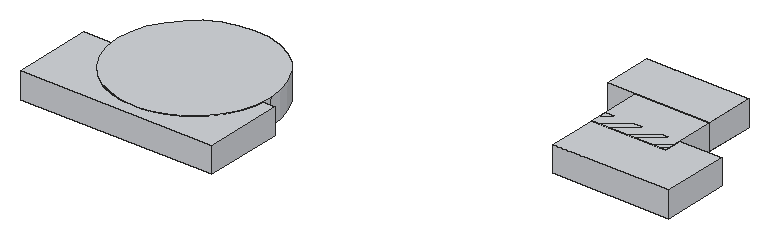
Revit family "Revit_Macro_Family_Samples", category Generic Models, Revit 2025
Family settings
  Can host rebar = No
  Round Connector Dimension = Use Diameter
  Part Type = Normal
  Work Plane-Based = No
  Always vertical = Yes
  Cut with Voids When Loaded = No
  Maintain Annotation Orientation = No
  Shared = No
  Room Calculation Point = No
Parameters
  angleee = 0.001°
  Shared_Number [instance] = 0
  Shared_Length [instance] = 0' - 0"
  Inttttt = 5
  FamilyParam2 [instance] = ""
  FamilyParam1 = ""
  Default Elevation = 0' - 0"
Reference planes (in)
  plane 1 "Center (Front/Back)": y = 0
  plane 2: z = 0
  plane 3 "Center (Left/Right)": x = 0
Forms (in)
  Extrusion 1, void
    sketch origin (-239.74321, 541.90752, 0) x (1, 0, 0) y (0, 1, 0)
      loop
        line (-11.88074, 41.21303) -> (-11.88074, 3.21303) -> (65.06563, 3.21303) -> (65.06563, 41.21303) -> (-11.88074, 41.21303)
    from 0 to 12
  Extrusion 2, void
    sketch origin (-239.74321, 541.90752, 0) x (1, 0, 0) y (0, 1, 0)
      loop
        line (12.4296, -12.97129) -> (12.4296, -74.97129) -> (60.4296, -74.97129) -> (60.4296, -12.97129) -> (12.4296, -12.97129)
    from 0 to 12
  Extrusion 3, solid
    sketch origin (210.89052, 423.59151, 0) x (1, 0, 0) y (0, 1, 0)
      loop
        line (-496.51448, 145.96961) -> (-496.51448, 123.08618) -> (-448.51448, 123.08618) -> (-448.51448, 145.96961) -> (-496.51448, 145.96961)
    from 0 to 12
  Extrusion 4, solid
    sketch origin (210.89052, 423.59151, 0) x (1, 0, 0) y (0, 1, 0)
      loop
        line (-483.20017, 97.17121) -> (-448.51448, 97.17121) -> (-448.51448, 145.96961) -> (-483.20017, 145.96961) -> (-483.20017, 97.17121)
    from 0 to 12
  Extrusion 5, solid
    sketch origin (210.89052, 423.59151, 0) x (1, 0, 0) y (0, 1, 0)
      loop
        line (-483.20017, 74.35284) -> (-428.71487, 74.35284) -> (-428.71487, 105.34472) -> (-483.20017, 105.34472) -> (-483.20017, 74.35284)
    from 0 to 12
  Extrusion 6, solid
    sketch origin (210.89052, 423.59151, 0) x (1, 0, 0) y (0, 1, 0)
      loop
        circle (-622.26297, 36.74085) r 36
    from 0 to 12
  Extrusion 7, solid
    sketch origin (210.89052, 423.59151, 0) x (1, 0, 0) y (0, 1, 0)
      loop
        line (-670.82189, 32.35284) -> (-670.82189, -4.93253) -> (-580.82189, -4.93253) -> (-580.82189, 32.35284) -> (-670.82189, 32.35284)
    from 0 to 12
